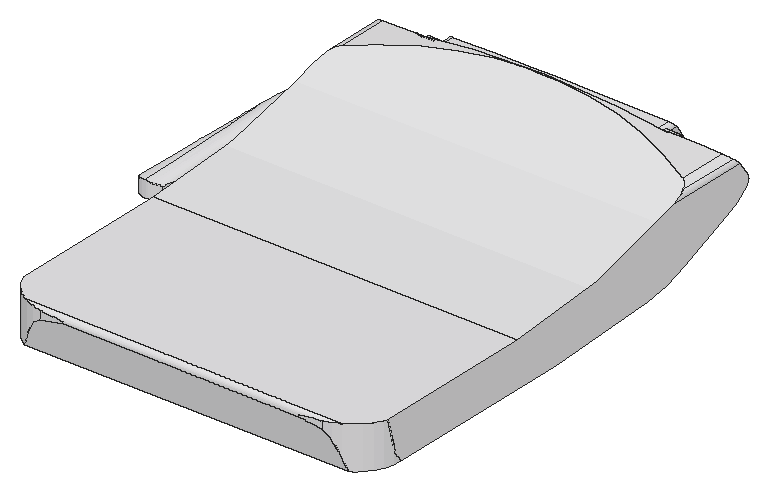
Revit family "Bidet_Seat-Square_Closed_Front-KOHLER-PURECLEAN-K-96001IN_1", category Specialty Equipment, host Face, Revit 2017
Family settings
  Host = Face
  Round Connector Dimension = Use Diameter
  Part Type = Normal
  OmniClass Number = 23.31.25.00
  OmniClass Title = Toilet and Bath Specialties
  Cut with Voids When Loaded = No
  Shared = No
  Room Calculation Point = No
Parameters (values of type "0-White")
  Width = 14 11/16"  # constant formula
  WaterSense Certified = 1 = 0  # no
  URL = "https://www.kohler.co.in/"
  Type = 1
  Product Page URL = "https://www.kohler.co.in/product-detail/96001in?skuid=K-96001IN-0"
  Product Name = "PURECLEAN"  # constant formula
  Product Documentation Link = ""
  Model = "K-96001IN-0"  # constant formula
  Material = "Plastic"  # constant formula
  Master Format 2014 Name = "Toilet, Bath, and Laundry Accessories"  # constant formula
  Master Format 2014 = "10 28 00"  # constant formula
  Manufacturer Address = "Ambience Office Tower NH-8 Gurgaon / Gurugram Haryana , 122001\r\n"  # constant formula
  Manufacturer = "KOHLER Co."  # constant formula
  Length = 19 13/16"  # constant formula
  Height = 4.21654"  # constant formula
  Finish = Kohler-Plastic-0-White
  Environmental Product Declaration = ""
  Description = "Bidet Seat - Forefront"  # constant formula
  Default Elevation = 0"
  Declare Label = ""
  Date Modified = "12/31/2020"  # constant formula
  Date Created = "12/31/2020"  # constant formula
  Copyright = "Copyright KOHLER Co."  # constant formula
  Contact Us = "https://www.kohler.co.in/contact-us"
  Assembly Code = "C1030200"
  ADA Compliant = 1 = 0  # no
Reference planes (in)
  plane 1 "Center (Front/Back)": y = 0
  plane 2: z = 0
  plane 3 "Center (Left/Right)": x = 0
  plane 4: y = 9.9015748
  plane 5: y = 7.9355315
  plane 6: x = -7.3484252
  plane 7: y = -9.9109252
  plane 8: x = 7.3390748
  plane 9: z = 4.2165354
  plane 10: x = -9.5485476
  plane 11: z = 1.023622
Dimensions and locks (in)
  "Length": plane 7 to plane 4
  "Width": plane 6 to plane 8
  plane 7 to plane 5 = 17.84646"
  plane 10 to plane 8 = 16.88762"
  "Height": level to plane 9
  plane 11 to level = 1.02362"
  aligned and locked: plane 2 to host face
  aligned and locked: level to host face
Automatic sketch dimensions
  host sketch curve to host sketch curve = 96"  (x2)
Nested families (in)
  nested 1: "K-96001IN" at (0, 0, -0.3937008), type "K-96001IN"
Definition of nested family "K-96001IN"
  Parameters (values of type "K-96001IN")
    Material = none
  Reference planes (in)
    plane 1 "Center (Front/Back)": y = 0
    plane 2: z = 0
    plane 3 "Center (Left/Right)": x = 0
    plane 4: x = -7.3484252
    plane 5: x = 7.3484252
    plane 6: y = 9.9015748
    plane 7: y = -9.9015748
    plane 8: x = -3.1594488
    plane 9: x = 3.1594488
    plane 10: y = 7.9448819
    plane 11: z = 0.3937032
    plane 12: z = 4.6102387
    plane 13: z = 1.0590551
  Forms (in)
    Extrusion 1, solid, material <- "Material", detail levels medium+fine
      sketch origin (0, 0, 0) x (1, 0, 0) y (0, 1, 0)
        loop
          line (-7.3484252, 9.9015748) -> (-7.3484252, -8.0974654)
          arc (-7.3484252, -8.0974654) -> (-6.8527575, -9.3265367) -> (-5.6431073, -9.8678766) r 1.7716535
          arc (-5.6431073, -9.8678766) -> (0, -9.9735604) -> (5.6431073, -9.8678766) r 150.7128904
          arc (5.6431073, -9.8678766) -> (6.8527575, -9.3265367) -> (7.3484252, -8.0974654) r 1.7716535
          line (7.3484252, -8.0974654) -> (7.3484252, 9.9015748) -> (-7.3484252, 9.9015748)
      from 0 to 4.8138846
    Extrusion 2, void
      sketch origin (0, 0, 0) x (0, 1, 0) y (0, 0, 1)
        loop
          line (-9.642269, 0.5118356) -> (-0.3572596, 0.5118356)
          arc (-0.3572596, 0.5118356) -> (1.9495217, 0.5813935) -> (4.247921, 0.7898146) r 38.2851868
          arc (4.247921, 0.7898146) -> (5.1585003, 0.957607) -> (6.0415316, 1.2361113) r 7.5144662
          arc (6.0415316, 1.2361113) -> (7.1177567, 1.6532285) -> (8.1918146, 2.0758949) r 223.6320433
          line (8.1918146, 2.0758949) -> (8.8349787, 2.3271125)
          arc (8.8349787, 2.3271125) -> (8.8896446, 2.3540727) -> (8.9389038, 2.3899719) r 0.3556261
          line (8.9389038, 2.3899719) -> (9.2724618, 2.6799294)
          arc (9.2724618, 2.6799294) -> (9.369784, 2.8514279) -> (9.3379935, 3.046037) r 0.2964464
          arc (9.3379935, 3.046037) -> (8.881761, 3.6899863) -> (8.2902867, 4.2124583) r 3.4260618
          arc (8.2902867, 4.2124583) -> (8.2448707, 4.239712) -> (8.1961948, 4.2605935) r 0.3919511
          line (8.1961948, 4.2605935) -> (8.2356745, 4.6362176)
          arc (8.2356745, 4.6362176) -> (3.1754197, 2.8196071) -> (-2.1655899, 2.2032708) r 23.450067
          line (-2.1655899, 2.2032708) -> (-9.7059175, 2.2032708)
          arc (-9.7059175, 2.2032708) -> (-9.8567137, 2.1329534) -> (-9.8997773, 1.9722377) r 0.1968504
          line (-9.8997773, 1.9722377) -> (-9.642269, 0.5118356)
        loop
          line (10.2058558, 5.186616) -> (-10.2665851, 5.186616) -> (-10.2665851, -0.325195) -> (10.2058558, -0.325195) -> (10.2058558, 5.186616)
      from -8.7069814 to 9.8425197
    Extrusion 3, void
      sketch origin (0, 0, 0) x (1, 0, 0) y (0, 0, 1)
        loop
          line (-7.3484252, 0.5118356) -> (7.3484252, 0.5118356) -> (7.1878974, 3.5748885)
          arc (7.1878974, 3.5748885) -> (7.1562707, 3.691199) -> (7.0793819, 3.7840242) r 0.2849134
          arc (7.0793819, 3.7840242) -> (6.9238641, 3.8792024) -> (6.7505512, 3.9358357) r 0.7830693
          arc (6.7505512, 3.9358357) -> (0, 4.6102387) -> (-6.7505512, 3.9358357) r 34.122599
          arc (-6.7505512, 3.9358357) -> (-6.9238641, 3.8792024) -> (-7.0793819, 3.7840242) r 0.7830693
          arc (-7.0793819, 3.7840242) -> (-7.1562707, 3.691199) -> (-7.1878974, 3.5748885) r 0.2849134
          line (-7.1878974, 3.5748885) -> (-7.3484252, 0.5118356)
        loop
          line (-7.8734076, 4.9821984) -> (-7.8734076, -0.3327622) -> (8.0714743, -0.3327622) -> (8.0714743, 4.9821984) -> (-7.8734076, 4.9821984)
      from -11.4798806 to 11.2110379
    Extrusion 4, void
      sketch origin (0, 0.0184547, 0) x (1, 0, 0) y (0, 1, 0)
        loop
          line (-5.1678157, 10.5639435) -> (-4.9738235, 8.3466025)
          arc (-4.9738235, 8.3466025) -> (-4.9229452, 8.2434315) -> (-4.8157324, 8.2017387) r 0.158695
          line (-4.8157324, 8.2017387) -> (4.8157324, 8.2017387)
          arc (4.8157324, 8.2017387) -> (4.9229452, 8.2434315) -> (4.9738235, 8.3466025) r 0.158695
          line (4.9738235, 8.3466025) -> (5.1678157, 10.5639435) -> (-5.1678157, 10.5639435)
      from 0 to 6.2592743
    Extrusion 5, void
      sketch origin (0, 0, 0) x (0, 1, 0) y (0, 0, 1)
        loop
          arc (7.8157689, 2.1401391) -> (6.8780629, 2.3029676) -> (6.2907754, 1.5540357) r 0.927338
          arc (6.2907754, 1.5540357) -> (6.2100395, 1.3606681) -> (6.0415316, 1.2361113) r 0.3937008
          line (6.0415316, 1.2361113) -> (6.0415316, 0.1181348) -> (8.1918146, 0.1181348) -> (8.1918146, 2.0758949)
          arc (8.1918146, 2.0758949) -> (7.9948744, 2.0558201) -> (7.8157689, 2.1401391) r 0.3700291
      from -9.5724541 to -2.3393136
    Extrusion 6, solid, material <- "Material", detail levels medium+fine
      sketch origin (0, 0, 0) x (0, 1, 0) y (0, 0, 1)
        loop
          circle (8.6723146, 1.8160464) r 0.3601695
      from -5.3184576 to 4.8575977
    Extrusion 7, solid, material <- "Material", detail levels medium+fine
      sketch origin (0, 0, 0) x (0, 1, 0) y (0, 0, 1)
        loop
          circle (8.6723146, 1.8160464) r 0.4664687
      from 4.7241437 to 5.4432854
    Extrusion 8, solid, material <- "Material", detail levels medium+fine
      sketch origin (0, 0, 0) x (0, 1, 0) y (0, 0, 1)
        loop
          line (4.6311595, 0.3937008) -> (8.6632597, 0.3937008) -> (9.8228729, 1.8257038)
          arc (9.8228729, 1.8257038) -> (9.8952773, 1.9605938) -> (9.9130758, 2.1126493) r 0.4094606
          arc (9.9130758, 2.1126493) -> (9.529911, 3.3893096) -> (8.6393688, 4.3810813) r 3.0532978
          arc (8.6393688, 4.3810813) -> (8.6054643, 4.3955805) -> (8.568602, 4.3946286) r 0.0864327
          arc (8.568602, 4.3946286) -> (7.8680077, 4.1750852) -> (7.2004899, 3.8693868) r 5.8408684
          line (7.2004899, 3.8693868) -> (4.6311595, 2.1653543) -> (4.6311595, 0.3937008)
      from -4.9133858 to 4.9116543
    Extrusion 9, void
      sketch origin (0, 0, 0) x (1, 0, 0) y (0, 0, 1)
        loop
          line (4.4879232, 3.8396637) -> (4.4879232, 0.7952756) -> (5.1423293, 0.7952756) -> (5.1423293, 5.1259843) -> (-5.1423293, 5.1259843) -> (-5.1423293, 0.7952756) -> (-4.4879232, 0.7952756) -> (-4.4879232, 3.8331776)
          arc (-4.4879232, 3.8331776) -> (-4.4386291, 3.9634742) -> (-4.3154346, 4.0285147) r 0.1968504
          arc (-4.3154346, 4.0285147) -> (-0.000349, 4.2981951) -> (4.3151393, 4.0350374) r 35.0813641
          arc (4.3151393, 4.0350374) -> (4.4385306, 3.9700718) -> (4.4879232, 3.8396637) r 0.1968504
      from -10.8945917 to -2.9473452
    Extrusion 10, solid, material <- "Material", detail levels medium+fine
      sketch origin (0, 0, 0) x (0, 1, 0) y (0, 0, -1)
        loop
          arc (8.7088692, -3.9922396) -> (9.0329133, -3.6613483) -> (9.2985459, -3.2819634) r 2.8253394
          arc (9.2985459, -3.2819634) -> (9.3049079, -3.2239188) -> (9.2659652, -3.1804089) r 0.0716627
          line (9.2659652, -3.1804089) -> (8.288039, -2.7423829)
          arc (8.288039, -2.7423829) -> (7.9466059, -3.2795458) -> (7.5288419, -3.7597476) r 4.2536033
          arc (7.5288419, -3.7597476) -> (8.0400098, -3.9334453) -> (8.5703045, -4.0346928) r 3.8896877
          arc (8.5703045, -4.0346928) -> (8.6440724, -4.0281065) -> (8.7088692, -3.9922396) r 0.1791095
      from 4.5074774 to 4.9682381
    Extrusion 11, solid, material <- "Material", detail levels medium+fine
      sketch origin (0, 0, 0) x (0, 1, 0) y (0, 0, 1)
        loop
          circle (8.5178476, 3.3801121) r 0.4340259
      from -5.2362837 to 5.2357521
    SweptBlend 12, solid, material <- "Material", detail levels medium+fine
      path origin (0, 0, 0) x (1, 0, 0) y (0, 1, 0)
        loop
          spline (-8.8812868, -0.7532831) -> (-8.8793957, 1.7901172) -> (-8.8661576, 3.6109365) -> (-8.8302255, 4.8513419) -> (-8.7602527, 5.6535) -> (-8.644892, 6.1595778) -> (-8.4728347, 6.5103791) -> (-8.2344455, 6.7870176) -> (-7.9223781, 6.9889486) -> (-7.5385445, 7.1138676) -> (-7.1282481, 7.1793225) -> (-6.5315725, 7.211258) -> (-4.9815237, 7.2424164)
      profile origin (-8.8812868, -0.7532831, 0) x (-1, 0, 0) y (0, 0, 1)
        loop
          spline (0, 0.9078023) -> (0.1589143, 0.9187916) -> (0.3069989, 0.9510108) -> (0.4341619, 1.002264) -> (0.5317376, 1.0690586) -> (0.5930763, 1.1468425) -> (0.6139977, 1.230315) -> (0.5930763, 1.3137874) -> (0.5317376, 1.3915713) -> (0.4341619, 1.4583659) -> (0.3069989, 1.5096191) -> (0.1589143, 1.5418383) -> (0, 1.5528277)
          spline (0, 1.5528277) -> (-0.1589143, 1.5418383) -> (-0.3069989, 1.5096191) -> (-0.4341619, 1.4583659) -> (-0.5317376, 1.3915713) -> (-0.5930763, 1.3137874) -> (-0.6139977, 1.230315) -> (-0.5930763, 1.1468425) -> (-0.5317376, 1.0690586) -> (-0.4341619, 1.002264) -> (-0.3069989, 0.9510108) -> (-0.1589143, 0.9187916) -> (0, 0.9078023)
      end profile origin (-4.9815237, 7.2424164, 0) x (-0.018154, 0.999835, 0) y (0, 0, 1)
        loop
          spline (0.984252, 1.5354497) -> (0.9507144, 1.7800032) -> (0.8523872, 2.0078907) -> (0.6959712, 2.2035822) -> (0.492126, 2.3537415) -> (0.2547432, 2.4481356) -> (0, 2.4803317) -> (-0.2547432, 2.4481356) -> (-0.492126, 2.3537415) -> (-0.6959712, 2.2035822) -> (-0.8523872, 2.0078907) -> (-0.9507144, 1.7800032) -> (-0.984252, 1.5354497)
          spline (-0.984252, 1.5354497) -> (-0.9507144, 1.2908963) -> (-0.8523872, 1.0630088) -> (-0.6959712, 0.8673173) -> (-0.492126, 0.717158) -> (-0.2547432, 0.6227639) -> (0, 0.5905678) -> (0.2547432, 0.6227639) -> (0.492126, 0.717158) -> (0.6959712, 0.8673173) -> (0.8523872, 1.0630088) -> (0.9507144, 1.2908963) -> (0.984252, 1.5354497)
    Extrusion 13, void
      sketch origin (0, 0, 0) x (1, 0, 0) y (0, 1, 0)
        loop
          line (-9.5165814, 0.984252) -> (-9.7134318, 0.984252) -> (-9.7134318, -0.984252) -> (-8.042643, -0.984252) -> (-8.042643, 0.984252) -> (-8.2231744, 0.984252) -> (-8.3820246, -0.3094794)
          arc (-8.3820246, -0.3094794) -> (-8.8698779, -0.5799354) -> (-9.3577312, -0.3094794) r 0.5752272
          line (-9.3577312, -0.3094794) -> (-9.5165814, 0.984252)
      from 0.6791413 to 1.9854757
    Extrusion 14, solid, material <- "Material", detail levels medium+fine
      sketch origin (0, 0, 0) x (0, 1, 0) y (0, 0, 1)
        loop
          arc (8.7088692, 3.9922396) -> (8.6440724, 4.0281065) -> (8.5703045, 4.0346928) r 0.1791095
          arc (8.5703045, 4.0346928) -> (8.0400098, 3.9334453) -> (7.5288419, 3.7597476) r 3.8896877
          arc (7.5288419, 3.7597476) -> (7.9466059, 3.2795458) -> (8.288039, 2.7423829) r 4.2536033
          line (8.288039, 2.7423829) -> (9.2659652, 3.1804089)
          arc (9.2659652, 3.1804089) -> (9.3049079, 3.2239188) -> (9.2985459, 3.2819634) r 0.0716627
          arc (9.2985459, 3.2819634) -> (9.0329133, 3.6613483) -> (8.7088692, 3.9922396) r 2.8253394
      from 4.5074774 to 4.9682381
    Extrusion 15, solid, material <- "Material", detail levels medium+fine
      sketch origin (0, 0, 0) x (1, 0, 0) y (0, 1, 0)
        loop
          arc (-2.426773, 3.2214597) -> (-3.7051967, 1.8225771) -> (-4.4139088, 0.0650314) r 5.3345079
          arc (-4.4139088, 0.0650314) -> (-4.4904059, -2.5893338) -> (-3.6474813, -5.107465) r 7.5866689
          arc (-3.6474813, -5.107465) -> (-3.0618066, -5.9172722) -> (-2.2911662, -6.5536022) r 3.9386889
          arc (-2.2911662, -6.5536022) -> (0, -7.216176) -> (2.2911662, -6.5536022) r 4.2926893
          arc (2.2911662, -6.5536022) -> (3.0618066, -5.9172722) -> (3.6474813, -5.107465) r 3.9386889
          arc (3.6474813, -5.107465) -> (4.4904059, -2.5893338) -> (4.4139088, 0.0650314) r 7.5866689
          arc (4.4139088, 0.0650314) -> (3.7051967, 1.8225771) -> (2.426773, 3.2214597) r 5.3345079
          arc (2.426773, 3.2214597) -> (0, 4.0415753) -> (-2.426773, 3.2214597) r 4.0005438
        loop
          arc (-2.5700669, 3.4092547) -> (-3.9051012, 1.9484274) -> (-4.6451962, 0.1130548) r 5.5707283
          arc (-4.6451962, 0.1130548) -> (-4.7240752, -2.6239574) -> (-3.854905, -5.2204938) r 7.8228894
          arc (-3.854905, -5.2204938) -> (-3.2341048, -6.0788687) -> (-2.4172458, -6.7533622) r 4.1749094
          arc (-2.4172458, -6.7533622) -> (0, -7.4523964) -> (2.4172458, -6.7533622) r 4.5289098
          arc (2.4172458, -6.7533622) -> (3.2341048, -6.0788687) -> (3.854905, -5.2204938) r 4.1749094
          arc (3.854905, -5.2204938) -> (4.7240752, -2.6239574) -> (4.6451962, 0.1130548) r 7.8228894
          arc (4.6451962, 0.1130548) -> (3.9051012, 1.9484274) -> (2.5700669, 3.4092547) r 5.5707283
          arc (2.5700669, 3.4092547) -> (0, 4.2777958) -> (-2.5700669, 3.4092547) r 4.2367643
      from 0.4789484 to 1.3151769
    Extrusion 16, void
      sketch origin (0, 0, 0) x (0, 1, 0) y (0, 0, 1)
        loop
          line (-8.2332223, 0.4789484) -> (-8.2332223, 0.3937032) -> (4.3652029, 0.3937032) -> (4.3652029, 0.8049625)
          arc (4.3652029, 0.8049625) -> (2.3912436, 0.5605895) -> (0.4038915, 0.4789484) r 24.2294304
          line (0.4038915, 0.4789484) -> (-8.2332223, 0.4789484)
      from -5.8895564 to 6.4642288
    Extrusion 17, solid, material <- "Material", detail levels coarse
      sketch origin (0, 0, 0) x (1, 0, 0) y (0, 1, 0)
        loop
          arc (-6.757874, 9.9015748) -> (-7.1754568, 9.7286064) -> (-7.3484252, 9.3110236) r 0.5905512
          line (-7.3484252, 9.3110236) -> (-7.3484252, -8.523622)
          arc (-7.3484252, -8.523622) -> (-6.9448322, -9.4979818) -> (-5.9704724, -9.9015748) r 1.3779528
          line (-5.9704724, -9.9015748) -> (6.3641732, -9.9015748)
          arc (6.3641732, -9.9015748) -> (7.0601445, -9.6132941) -> (7.3484252, -8.9173228) r 0.984252
          line (7.3484252, -8.9173228) -> (7.3484252, 9.3110236)
          arc (7.3484252, 9.3110236) -> (7.1754568, 9.7286064) -> (6.757874, 9.9015748) r 0.5905512
          line (6.757874, 9.9015748) -> (-6.757874, 9.9015748)
      from 0.3937008 to 4.4889252
    Extrusion 18, solid, material <- "Material", detail levels coarse
      sketch origin (0, 0, 0) x (1, 0, 0) y (0, 1, 0)
        loop
          line (-9.5638937, 5.2824677) -> (-9.5638937, -0.8198945) -> (-8.0829245, -0.8198945) -> (-8.0829245, 5.2824677)
          arc (-8.0829245, 5.2824677) -> (-7.8809658, 5.9216151) -> (-7.3484252, 6.3286744) r 1.1123479
          line (-7.3484252, 6.3286744) -> (-7.3484252, 7.9448819)
          arc (-7.3484252, 7.9448819) -> (-8.937587, 7.014284) -> (-9.5638937, 5.2824677) r 2.7074973
      from 0.7952756 to 2.2032708
  Cuts and joins
    Extrusion 2, Extrusion 3, Extrusion 4, Extrusion 5 cuts Extrusion 1
    Extrusion 9 cuts Extrusion 8
    Extrusion 13 cuts SweptBlend 12
    joined: Extrusion 1, Extrusion 6, Extrusion 7, Extrusion 8, Extrusion 11, SweptBlend 12
    Extrusion 16 cuts Extrusion 15
    joined: Extrusion 10, Extrusion 14, Extrusion 15
    joined: Extrusion 17, Extrusion 18
  Lines and regions (in)
    Masking region 1
      outline origin (0, 0, 0) x (1, 0, 0) y (0, 1, 0)
        loop
          arc (-6.0280989, -9.7754711) -> (0, -9.9015748) -> (6.0280989, -9.7754711) r 144.1427371
          arc (6.0280989, -9.7754711) -> (6.9649975, -9.3524919) -> (7.3484252, -8.3987238) r 1.3779528
          line (7.3484252, -8.3987238) -> (7.3484252, 8.4565196)
          arc (7.3484252, 8.4565196) -> (7.2110524, 8.8553392) -> (6.8572135, 9.0849617) r 0.6476113
          arc (6.8572135, 9.0849617) -> (6.1704165, 9.2370123) -> (5.4766362, 9.3531086) r 13.5096909
          arc (5.4766362, 9.3531086) -> (5.3320857, 9.3634752) -> (5.1874677, 9.3540983) r 1.0637478
          arc (5.1874677, 9.3540983) -> (5.0907562, 9.3043702) -> (5.0472261, 9.2047151) r 0.1621224
          line (5.0472261, 9.2047151) -> (5.0366806, 9.0539069) -> (4.9444301, 9.0539069) -> (4.9444301, 9.1997932)
          arc (4.9444301, 9.1997932) -> (4.9257631, 9.2490639) -> (4.8791346, 9.2735964) r 0.0743574
          line (4.8791346, 9.2735964) -> (4.5764381, 9.3107628)
          arc (4.5764381, 9.3107628) -> (4.5296718, 9.2962415) -> (4.5095593, 9.2515934) r 0.0596138
          line (4.5095593, 9.2515934) -> (4.5095593, 8.9313515) -> (4.4884548, 9.0559843) -> (4.4884547, 9.5555698)
          arc (4.4884547, 9.5555698) -> (4.4689459, 9.6070377) -> (4.4202228, 9.6326423) r 0.0776452
          arc (4.4202228, 9.6326423) -> (0, 9.9015748) -> (-4.4202228, 9.6326423) r 36.460251
          arc (-4.4202228, 9.6326423) -> (-4.4689459, 9.6070377) -> (-4.4884547, 9.5555698) r 0.0776452
          line (-4.4884547, 9.5555698) -> (-4.4884548, 9.0559843) -> (-4.5095593, 8.9313515) -> (-4.5095593, 9.2515934)
          arc (-4.5095593, 9.2515934) -> (-4.5296718, 9.2962415) -> (-4.5764381, 9.3107628) r 0.0596138
          line (-4.5764381, 9.3107628) -> (-4.8791346, 9.2735964)
          arc (-4.8791346, 9.2735964) -> (-4.9257631, 9.2490639) -> (-4.9444301, 9.1997932) r 0.0743574
          line (-4.9444301, 9.1997932) -> (-4.9444301, 9.0539069) -> (-5.0366806, 9.0539069) -> (-5.0472261, 9.2047151)
          arc (-5.0472261, 9.2047151) -> (-5.0907562, 9.3043702) -> (-5.1874677, 9.3540983) r 0.1621224
          arc (-5.1874677, 9.3540983) -> (-5.3320857, 9.3634752) -> (-5.4766362, 9.3531086) r 1.0637478
          arc (-5.4766362, 9.3531086) -> (-6.1704165, 9.2370123) -> (-6.8572135, 9.0849617) r 13.5096909
          arc (-6.8572135, 9.0849617) -> (-7.2110524, 8.8553392) -> (-7.3484252, 8.4565196) r 0.6476113
          line (-7.3484252, 8.4565196) -> (-7.3484252, 7.9448819)
          arc (-7.3484252, 7.9448819) -> (-8.9541705, 7.0280836) -> (-9.5638937, 5.2824677) r 2.6385538
          line (-9.5638937, 5.2824677) -> (-9.4595044, 0.5263723) -> (-9.3498731, -0.3137459)
          arc (-9.3498731, -0.3137459) -> (-8.8723416, -0.5859028) -> (-8.3948101, -0.3137459) r 0.5550212
          line (-8.3948101, -0.3137459) -> (-8.2797749, 0.5222542) -> (-8.1421846, 5.277505)
          arc (-8.1421846, 5.277505) -> (-7.9130396, 5.9297496) -> (-7.3484252, 6.3286744) r 1.1369292
          line (-7.3484252, 6.3286744) -> (-7.3484252, -8.3987238)
          arc (-7.3484252, -8.3987238) -> (-6.9649975, -9.3524919) -> (-6.0280989, -9.7754711) r 1.3779528
    Masking region 2
      outline origin (0, 0, 0) x (1, 0, 0) y (0, 0, 1)
        loop
          arc (-6.7506326, 3.9358742) -> (-6.9220796, 3.8794534) -> (-7.0754319, 3.7842669) r 0.7614952
          arc (-7.0754319, 3.7842669) -> (-7.1572342, 3.6842325) -> (-7.1908786, 3.5594665) r 0.3084482
          line (-7.1908786, 3.5594665) -> (-7.2735673, 1.9816726) -> (-8.7714894, 1.8506214)
          arc (-8.7714894, 1.8506214) -> (-9.0290682, 1.8021305) -> (-9.2721127, 1.7040102) r 1.3284303
          arc (-9.2721127, 1.7040102) -> (-9.5613977, 1.2480445) -> (-9.3118133, 0.7691936) r 0.5406282
          arc (-9.3118133, 0.7691936) -> (-9.0897222, 0.6588698) -> (-8.8493457, 0.5979196) r 1.1679959
          arc (-8.8493457, 0.5979196) -> (-8.2455387, 0.5333837) -> (-7.638675, 0.5118356) r 8.5563731
          line (-7.638675, 0.5118356) -> (-4.8422539, 0.5118356) -> (-4.8422539, 0.3937032) -> (4.8422539, 0.3937032) -> (4.8422539, 0.5118356) -> (7.310358, 0.5118356)
          arc (7.310358, 0.5118356) -> (7.3380575, 0.5237362) -> (7.3484922, 0.5520206) r 0.0381865
          line (7.3484922, 0.5520206) -> (7.1908786, 3.5594665)
          arc (7.1908786, 3.5594665) -> (7.1572342, 3.6842325) -> (7.0754319, 3.7842669) r 0.3084482
          arc (7.0754319, 3.7842669) -> (6.9220796, 3.8794534) -> (6.7506326, 3.9358742) r 0.7614952
          arc (6.7506326, 3.9358742) -> (0, 4.6102387) -> (-6.7506326, 3.9358742) r 34.1253229
    Masking region 3
      outline origin (0, 0, 0) x (0, 1, 0) y (0, 0, 1)
        loop
          line (-9.6124206, 0.5118356) -> (-7.4188678, 0.5118356)
          arc (-7.4188678, 0.5118356) -> (-7.3971949, 0.4878435) -> (-7.366111, 0.4789484) r 0.0587592
          line (-7.366111, 0.4789484) -> (0.4068843, 0.4789484)
          arc (0.4068843, 0.4789484) -> (2.2509356, 0.5368791) -> (4.0877146, 0.7104426) r 29.3789274
          line (4.0877146, 0.7104426) -> (4.6457143, 0.6714234) -> (4.6311596, 0.3937032) -> (8.6632769, 0.3937032) -> (9.8469495, 1.8554171)
          arc (9.8469495, 1.8554171) -> (9.8906592, 1.9334001) -> (9.9058943, 2.0214898) r 0.2645009
          arc (9.9058943, 2.0214898) -> (9.5672365, 3.3650293) -> (8.6292314, 4.3848008) r 2.8182148
          arc (8.6292314, 4.3848008) -> (8.5983753, 4.3965656) -> (8.5654215, 4.394429) r 0.077568
          line (8.5654215, 4.394429) -> (8.2030439, 4.2905189)
          arc (8.2030439, 4.2905189) -> (8.2165464, 4.4282672) -> (8.2197135, 4.5666395) r 1.8501666
          arc (8.2197135, 4.5666395) -> (8.1985267, 4.6036527) -> (8.1559131, 4.6053662) r 0.0440468
          arc (8.1559131, 4.6053662) -> (3.2257038, 2.8119726) -> (-1.9851194, 2.2032476) r 22.6072756
          line (-1.9851194, 2.2032476) -> (-9.7098083, 2.2032476)
          arc (-9.7098083, 2.2032476) -> (-9.8607683, 2.1327347) -> (-9.9035789, 1.9717122) r 0.1968504
          line (-9.9035789, 1.9717122) -> (-9.6475182, 0.5412086)
          arc (-9.6475182, 0.5412086) -> (-9.6353041, 0.5201477) -> (-9.6124206, 0.5118356) r 0.0356555
    symbolic lines, detail levels medium+fine
      curve 1: arc (0, 8.3121451, 1.8160464) -> (0, 8.6723146, 1.4558769) -> (0, 9.0324841, 1.8160464) r 0.3601695
      curve 2: arc (0, 9.0324841, 1.8160464) -> (0, 8.6723146, 2.1762159) -> (0, 8.3121451, 1.8160464) r 0.3601695
      curve 3: arc (0, 9.3379935, 3.046037) -> (0, 9.369784, 2.8514279) -> (0, 9.2724618, 2.6799294) r 0.2964464
      curve 4: line (0, 9.2724618, 2.6799294) -> (0, 8.9389038, 2.3899719)
      curve 5: arc (0, 8.9389038, 2.3899719) -> (0, 8.8896446, 2.3540727) -> (0, 8.8349787, 2.3271125) r 0.3556261
      curve 6: line (0, 8.8349787, 2.3271125) -> (0, 8.1918146, 2.0758949)
      curve 7: arc (0, 8.1918146, 2.0758949) -> (0, 7.9948744, 2.0558201) -> (0, 7.8157689, 2.1401391) r 0.3700291
      curve 8: arc (0, 7.8157689, 2.1401391) -> (0, 7.1655863, 2.3635964) -> (0, 6.5402244, 2.0779515) r 0.927338
      curve 9: spline (0, 7.279993, 0.5872711) -> (0, 7.4023229, 0.5996039) -> (0, 7.5221862, 0.6269842) -> (0, 7.6377399, 0.668991) -> (0, 7.7472071, 0.7249785) -> (0, 7.8489048, 0.7940856) -> (0, 7.9412692, 0.8752498) -> (0, 8.0228801, 0.9672232) -> (0, 8.0924826, 1.0685915) -> (0, 8.1490064, 1.177796) -> (0, 8.1915825, 1.2931576) -> (0, 8.2195562, 1.4129025) -> (0, 8.2324974, 1.5351894)
      curve 10: line (0, -0.2712841, 1.5530671) -> (0, 1.3881086, 1.5530671)
      curve 11: arc (0, 1.3881086, 1.5530671) -> (0, 3.9020612, 1.6651389) -> (0, 6.3960689, 2.0004651) r 28.2520601
      curve 12: line (0, -0.2712841, 0.9105184) -> (0, 1.9784153, 0.9105184)
      curve 13: arc (0, 1.9784153, 0.9105184) -> (0, 4.6341268, 0.8296316) -> (0, 7.279993, 0.5872711) r 43.6371982
      curve 14: arc (0, -0.2712841, 0.9105184) -> (0, -0.5925584, 1.2317928) -> (0, -0.2712841, 1.5530671) r 0.3212743
      curve 15: line (0, -7.4188678, 0.5118356) -> (0, -0.3572596, 0.5118356)
      curve 16: arc (0, -0.3572596, 0.5118356) -> (0, 1.2925013, 0.5369124) -> (0, 2.9407379, 0.6121196) r 54.2800597
      curve 17: line (0, 8.9884485, 0.7952756) -> (0, 7.8504385, 0.7952756)
      curve 18: line (0, 4.6457143, 0.6714234) -> (0, 4.6566807, 0.8282506)
      curve 19: arc (0, 6.5402244, 2.0779515) -> (0, 6.4742998, 2.0277609) -> (0, 6.3960689, 2.0004651) r 0.2641185
      curve 20: arc (0, 8.2324974, 1.5351894) -> (0, 8.1621882, 1.8412655) -> (0, 7.9448819, 2.0679899) r 0.5904069
      curve 21: arc (0, 8.7088692, 3.9922396) -> (0, 9.0329133, 3.6613483) -> (0, 9.2985459, 3.2819634) r 2.8253394
      curve 22: arc (0, 8.5703045, 4.0346928) -> (0, 8.6440724, 4.0281065) -> (0, 8.7088692, 3.9922396) r 0.1791095
      curve 23: arc (0, 9.2985459, 3.2819634) -> (0, 9.3041352, 3.2216423) -> (0, 9.2615143, 3.178592) r 0.0716627
      curve 24: arc (0, 8.1999913, 4.2732068) -> (0, 8.845078, 3.7301791) -> (0, 9.3379935, 3.046037) r 3.4260618
      curve 25: arc (0, 8.5297589, 4.0296205) -> (0, 8.550025, 4.0322099) -> (0, 8.5703045, 4.0346928) r 3.8896877
      curve 26: line (0, 8.2030439, 4.2905189) -> (0, 8.1999913, 4.2732068)
      curve 27: line (0, 5.1477163, 0.7952756) -> (0, 4.6543749, 0.7952756)
      curve 28: line (0, 4.4963677, 1.7410466) -> (0, 4.4963677, 0.8378125)
      curve 29: line (0, 0, 1.5530671) -> (0, 0, 0.9105184)
      curve 30: line (-4.3208976, 9.0512402, 0) -> (4.2953023, 9.0448571, 0)
      curve 31: spline (-4.4857209, 9.2261385, 0) -> (-4.4867441, 9.2085811, 0) -> (-4.4847537, 9.1909048, 0) -> (-4.4797732, 9.173319, 0) -> (-4.4718618, 9.1560319, 0) -> (-4.4611129, 9.1392484, 0) -> (-4.4476541, 9.1231672, 0) -> (-4.4316447, 9.1079789, 0) -> (-4.4132742, 9.0938632, 0) -> (-4.3927604, 9.0809873, 0) -> (-4.3703461, 9.0695039, 0) -> (-4.3462969, 9.0595489, 0) -> (-4.3208976, 9.0512402, 0)
      curve 32: line (-4.8157324, 8.2201935, 0) -> (4.8157324, 8.2201935, 0)
      curve 33: arc (-7.3484252, 8.2007007, 0) -> (-6.0821163, 8.2153202, 0) -> (-4.8157324, 8.2201935, 0) r 164.5462669
      curve 34: line (-5.0366806, 9.0539069, 0) -> (-4.9735536, 8.3323621, 0)
      curve 35: line (-4.9444301, 9.0539069, 0) -> (-4.8714888, 8.220184, 0)
      curve 36: arc (-4.9735536, 8.3323621, 0) -> (-4.9414503, 8.2590505, 0) -> (-4.8714888, 8.220184, 0) r 0.125143
      curve 37: line (-4.5095593, 8.9313515, 0) -> (-4.5095593, 8.2201935, 0)
      curve 38: line (-4.4884548, 9.0559843, 0) -> (-4.4884548, 8.2201935, 0)
      curve 39: line (-7.0800305, 8.9814911, 0) -> (-7.0800305, 8.2046134, 0)
      curve 40: line (-7.3484252, 6.3286744, 0) -> (-7.3484252, 7.9448819, 0)
      curve 41: line (-8.1622715, 4.5832827, 0) -> (-9.5485476, 4.5832827, 0)
      curve 42: line (-8.3516381, 0, 0) -> (-9.3908154, 0, 0)
      curve 43: spline (4.4857209, 9.2261385, 0) -> (4.4866952, 9.2071565, 0) -> (4.4841512, 9.1880553, 0) -> (4.4781241, 9.1690993, 0) -> (4.4686973, 9.1505504, 0) -> (4.4560011, 9.1326654, 0) -> (4.4402112, 9.1156914, 0) -> (4.4215458, 9.0998634, 0) -> (4.4002633, 9.0854002, 0) -> (4.3766579, 9.0725019, 0) -> (4.3510561, 9.0613467, 0) -> (4.323812, 9.0520891, 0) -> (4.2953023, 9.0448571, 0)
      curve 44: arc (7.3484252, 8.2007007, 0) -> (6.0821163, 8.2153202, 0) -> (4.8157324, 8.2201935, 0) r 164.5462669
      curve 45: line (5.0366806, 9.0539069, 0) -> (4.9735536, 8.3323621, 0)
      curve 46: line (4.9444301, 9.0539069, 0) -> (4.8714888, 8.220184, 0)
      curve 47: arc (4.9735536, 8.3323621, 0) -> (4.9414503, 8.2590505, 0) -> (4.8714888, 8.220184, 0) r 0.125143
      curve 48: line (4.5095593, 8.9313515, 0) -> (4.5095593, 8.2201935, 0)
      curve 49: line (4.4884548, 9.0559843, 0) -> (4.4884548, 8.2201935, 0)
      curve 50: line (7.0800305, 8.9814911, 0) -> (7.0800305, 8.2046134, 0)
      curve 51: arc (-9.2721127, 0, 1.7040102) -> (-8.9424724, 0, 1.7583077) -> (-8.6092769, 0, 1.7339827) r 1.4181308
      curve 52: arc (-9.3118133, 0, 0.7691936) -> (-8.961206, 0, 0.7211578) -> (-8.6085389, 0, 0.7504635) r 1.6186447
      curve 53: arc (-8.6092769, 0, 1.7339827) -> (-8.2034102, 0, 1.2425274) -> (-8.6085389, 0, 0.7504635) r 0.500935
      curve 54: spline (-9.2974985, 0, 1.184192) -> (-9.2840835, 0, 1.2351406) -> (-9.2447526, 0, 1.2826172) -> (-9.1821862, 0, 1.3233863) -> (-9.1006481, 0, 1.3546695) -> (-9.005695, 0, 1.3743349) -> (-8.9037977, 0, 1.3810424) -> (-8.8019004, 0, 1.3743349) -> (-8.7069473, 0, 1.3546695) -> (-8.6254092, 0, 1.3233863) -> (-8.5628428, 0, 1.2826172) -> (-8.5235119, 0, 1.2351406) -> (-8.5100969, 0, 1.184192) -> (-8.5235119, 0, 1.1332434) -> (-8.5628428, 0, 1.0857668) -> (-8.6254092, 0, 1.0449978) -> (-8.7069473, 0, 1.0137146) -> (-8.8019004, 0, 0.9940491) -> (-8.9037977, 0, 0.9873416) -> (-9.005695, 0, 0.9940491) -> (-9.1006481, 0, 1.0137146) -> (-9.1821862, 0, 1.0449978) -> (-9.2447526, 0, 1.0857668) -> (-9.2840835, 0, 1.1332434) -> (-9.2974985, 0, 1.184192)
      curve 55: line (-7.2735673, 0, 1.9816726) -> (-7.3505982, 0, 0.5118356)
      curve 56: line (-4.8422539, 0, 0.5118356) -> (4.8422539, 0, 0.5118356)
      curve 57: arc (-6.8758917, 0, 1.8692948) -> (0, 0, 1.7416468) -> (6.8758917, 0, 1.8692948) r 185.252335
      curve 58: arc (-7.2735673, 0, 1.9816726) -> (-7.0814557, 0, 1.9016813) -> (-6.8758917, 0, 1.8692948) r 0.8754069
      curve 59: arc (6.8758917, 0, 1.8692948) -> (7.088788, 0, 1.9185555) -> (7.2681613, 0, 2.043362) r 0.5777574
  Dimensions and locks (in)
    plane 6 to plane 7 = 19.80315"
    plane 4 to plane 5 = 14.69685"
    plane 10 to plane 7 = 17.84646"
    plane 8 to plane 9 = 6.3189"
    plane 12 to level = 4.61024"
    plane 12 to plane 11 = 4.21654"
    plane 11 to level = 0.3937"
    aligned and locked: plane 2 to level
